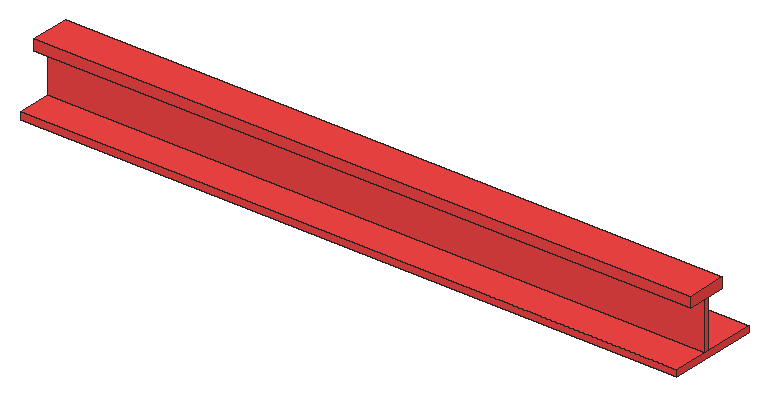
Revit family "GSY-E22", category Structural Framing, Revit 2018
Family settings
  Section Shape = Not Defined
  Material for Model Behavior = Other
  Always export as geometry = No
  OmniClass Number = 23.25.30.11.14.14
  OmniClass Title = Beams
  Always vertical = Yes
  Cut with Voids When Loaded = No
  Symbolic Representation = From Family
  Shared = No
  Show family pre-cut in plan views = Yes
Parameters (values of type "GSY-E22/15-34")
  t2 = 25 mm
  t1 = 40 mm
  hw = 180 mm
  d = 15 mm
  b2 = 340 mm
  b1 = 150 mm
  Structural Material [instance] = bips-Steel
  Manufacturer = "Give Steel A/S"
  Length [instance] = 3000 mm
Types (6, lengths in mm): name | b2 | b1 | Length
  (no name) | 340 | 150 | 3000
  GSY-E22/15-34 | 340 | 150 | 3000
  GSY-E22/18-37 | 370 | 180 | 3000
  GSY-E22/22-41 | 410 | 220 | 3000
  GSY-E22/27-46 | 460 | 270 | 3000
  GSY-E22/30-49 | 490 | 300 | 4000
Reference planes
  plane 1 "Center (Front/Back)": y = 0
  plane 2 "Center Elevation": z = 0
  plane 3 "Center (Left/Right)": x = 0
  plane 4 "Left": x = -1500
  plane 5 "Member Left": x = -1250
  plane 6 "Stick Symbol Left": x = -1000
  plane 7 "Right": x = 1500
  plane 8 "Member Right": x = 1250
  plane 9 "Stick Symbol Right": x = 1000
  plane 10: y = 75
  plane 11: y = -75
  plane 12: y = 200
  plane 13: y = -140
  plane 14: z = 142.5
  plane 15: z = 102.5
  plane 16: z = -102.5
  plane 17: z = -77.5
  plane 18: y = -7.5
  plane 19: y = 7.5
Forms (mm)
  Extrusion 1, solid, material "bips-Steel" <- "Structural Material"
    sketch origin (0, 0, 0) x (0, 1, 0) y (0, 0, 1)
      loop
        line (75, 142.5) -> (-75, 142.5) -> (-75, 102.5) -> (75, 102.5) -> (75, 142.5)
    from -1250 to 1250
  Extrusion 2, solid, material "bips-Steel" <- "Structural Material"
    sketch origin (0, 0, -90) x (0, 1, 0) y (0, 0, 1)
      loop
        line (7.5, 192.5) -> (-7.5, 192.5) -> (-7.5, 12.5) -> (7.5, 12.5) -> (7.5, 192.5)
    from -1250 to 1250
  Extrusion 3, solid, material "bips-Steel" <- "Structural Material"
    sketch origin (0, 0, -345) x (0, 1, 0) y (0, 0, 1)
      loop
        line (200, 267.5) -> (-140, 267.5) -> (-140, 242.5) -> (200, 242.5) -> (200, 267.5)
    from -1250 to 1250
Lines and regions (mm)
  model lines, style "Stick Symbols", detail levels coarse
    curve 1: line (-1000, 0, 0) -> (1000, 0, 0)
Dimensions and locks
  equal spacing: plane 4 "Left", plane 3 "Center (Left/Right)", plane 7 "Right"
  "Length": plane 4 "Left" to plane 7 "Right"
  equal spacing: plane 10, plane 1 "Center (Front/Back)", plane 11
  "b1": plane 10 to plane 11
  "b2": plane 12 to plane 13
  "t1": plane 14 to plane 15
  "t2": plane 17 to plane 16
  equal spacing: plane 15, plane 2 "Center Elevation", plane 16
  equal spacing: plane 19, plane 1 "Center (Front/Back)", plane 18
  "d": plane 19 to plane 18
  "hw": plane 15 to plane 17
  locked: plane 13 to plane 11 at 65
  equal spacing: plane 11, plane 1 "Center (Front/Back)", plane 10
  equal spacing: plane 18, plane 1 "Center (Front/Back)", plane 19
  aligned and locked: plane 5 "Member Left" to Extrusion 1
  aligned and locked: Extrusion 1 to plane 8 "Member Right"
  aligned and locked: plane 1 "Center (Front/Back)" to curve 1
  aligned and locked: plane 6 "Stick Symbol Left" to curve 1
  aligned and locked: plane 9 "Stick Symbol Right" to curve 1
  aligned and locked: level to plane 2 "Center Elevation"
  aligned and locked: Extrusion 1 sketch curve to plane 14
  aligned and locked: plane 10 to Extrusion 1 sketch curve
  aligned and locked: Extrusion 1 sketch curve to plane 11
  aligned and locked: Extrusion 2 sketch curve to plane 18
  aligned and locked: Extrusion 2 sketch curve to plane 19
  aligned and locked: Extrusion 2 sketch curve to plane 17
  aligned and locked: Extrusion 3 sketch curve to plane 16
  aligned and locked: Extrusion 3 sketch curve to plane 17
  aligned and locked: Extrusion 3 sketch curve to plane 13
  aligned and locked: plane 12 to Extrusion 3 sketch curve
  aligned and locked: Extrusion 2 sketch curve to plane 15
  aligned and locked: plane 5 "Member Left" to Extrusion 3
  aligned and locked: Extrusion 3 to plane 8 "Member Right"
  aligned and locked: Extrusion 2 to plane 8 "Member Right"
  aligned and locked: plane 5 "Member Left" to Extrusion 2
Automatic sketch dimensions
  Extrusion 1 sketch curve to plane 15 = 0 mm
